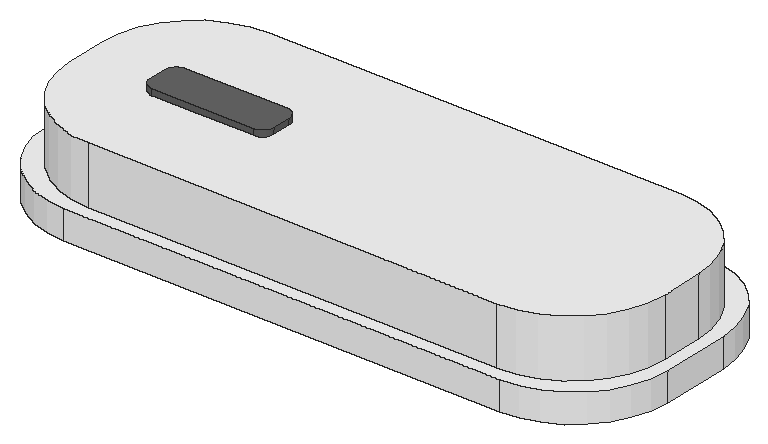
Revit family "BTD-L", category Communication Devices, host Face, Revit 2021
Family settings
  Host = Face
  Maintain Annotation Orientation = No
  Round Connector Dimension = Use Diameter
  Part Type = Normal
  OmniClass Number = 23.85.80.11.27
  OmniClass Title = Lighting Controls
  Cut with Voids When Loaded = No
  Shared = Yes
  Room Calculation Point = No
Parameters (values of type "BTD")
  Width = 1.60"
  Type Comments = "Text Buttons"  # constant formula
  Product Page URL = ""
  Product Documentation Link = ""
  URL = "https://www.currentlighting.com/nxlightingcontrols"
  Model = "Specialty Text Buttons"  # constant formula
  Manufacturer = " NX Lighting Controls"  # constant formula
  Light = yes
  Features = "Easy to install\r\n1-6 button models with or without light pipe for pilot light functionality\r\nAvailable for all HCS wall station types: NXSW, CXSW and LVS\r\nAvailable in White, Gray, Ivory, Light Almond, Black and Red\r\n5pt Arial Narrow\r\n8-character limit using capital letters\r\nOrder forms are product specific\r\nOrder forms provided to customer service must be in the original editable PDF downloaded from the HCS website (not scanned, handwritten, faxed and not a copy)\r\n5-year warranty"  # constant formula
  Black = Paint - Carbon Black
  White = Paint -  Matte White
  Description = "Control Solutions' specialty button service provides an easy, customized solution to meet commercial design requirements. The offering includes a list of our most popular text buttons and options to customize the text. Our custom service supports NX, CX and LVS wall stations. The buttons can easily be installed without the need to detach the switch from the wall. Custom text buttons are the ideal solution for any application providing unique control and a personalized experience. All custom specialty button orders require the appropriate product order form to be complted and attached to the order to ensure accuracy."  # constant formula
  Default Elevation = 48.00"
  Copyright = "Copyright © NX Lighting Controls"  # constant formula
  Contact Us = ""
  Assembly Code = "D5090"
Reference planes (in)
  plane 1 "Center (Front/Back)": y = 13.01342
  plane 2: z = 0
  plane 3 "Center (Left/Right)": x = 0
  plane 4: z = 1.3
  plane 5: z = 1.9
  plane 6: y = 13.23342
  plane 7: y = 12.79342
  plane 8: x = 0.54
  plane 9: x = -0.54
Forms (in)
  Extrusion 1, solid, material "Paint -  Matte White" <- "White"
    sketch origin (0, 0, 0) x (1, 0, 0) y (0, 1, 0)
      loop
        line (-0.38, 12.79342) -> (0.37752, 12.79342)
        arc (0.37752, 12.79342) -> (0.49241, 12.84101) -> (0.54, 12.9559) r 0.16248
        line (0.54, 12.9559) -> (0.54, 13.07616)
        arc (0.54, 13.07616) -> (0.49394, 13.18736) -> (0.38274, 13.23342) r 0.15726
        line (0.38274, 13.23342) -> (-0.38, 13.23342)
        arc (-0.38, 13.23342) -> (-0.49314, 13.18656) -> (-0.54, 13.07342) r 0.16
        line (-0.54, 13.07342) -> (-0.54, 12.95342)
        arc (-0.54, 12.95342) -> (-0.49314, 12.84028) -> (-0.38, 12.79342) r 0.16
    from 0.05 to 0
  Extrusion 2, solid, material "Paint -  Matte White" <- "White"
    sketch origin (0, 0, 0) x (1, 0, 0) y (0, 1, 0)
      loop
        line (-0.35656, 12.81686) -> (0.35408, 12.81686)
        arc (0.35408, 12.81686) -> (0.46897, 12.86445) -> (0.51656, 12.97934) r 0.16248
        line (0.51656, 12.97934) -> (0.51656, 13.05168)
        arc (0.51656, 13.05168) -> (0.4705, 13.16288) -> (0.3593, 13.20894) r 0.15726
        line (0.3593, 13.20894) -> (-0.35656, 13.20894)
        arc (-0.35656, 13.20894) -> (-0.4697, 13.16207) -> (-0.51656, 13.04894) r 0.16
        line (-0.51656, 13.04894) -> (-0.51656, 12.97686)
        arc (-0.51656, 12.97686) -> (-0.4697, 12.86372) -> (-0.35656, 12.81686) r 0.16
    from 0.15 to 0
  Extrusion 3, solid, material "Paint - Carbon Black" <- "Black", visible <- "Light"
    sketch origin (0, 0, 0) x (1, 0, 0) y (0, 1, 0)
      loop
        arc (-0.3709, 13.04709) -> (-0.38563, 13.04099) -> (-0.39174, 13.02626) r 0.02083
        line (-0.39174, 13.02626) -> (-0.39174, 12.99448)
        arc (-0.39174, 12.99448) -> (-0.38586, 12.9803) -> (-0.37168, 12.97443) r 0.02005
        line (-0.37168, 12.97443) -> (-0.19571, 12.97443)
        arc (-0.19571, 12.97443) -> (-0.18153, 12.9803) -> (-0.17566, 12.99448) r 0.02005
        line (-0.17566, 12.99448) -> (-0.17566, 13.02626)
        arc (-0.17566, 13.02626) -> (-0.18176, 13.04099) -> (-0.19649, 13.04709) r 0.02083
        line (-0.19649, 13.04709) -> (-0.3709, 13.04709)
    from 0.16 to 0.15
Dimensions and locks (in)
  plane 5 to plane 4 to plane 2 = 0.60", 1.30"
  plane 5 to plane 4 = 0.60"
  aligned and locked: plane 2 to host face
  aligned and locked: level to host face
Connectors (in)
  electrical at (0, 12.79105, 0)
    settings: on host face, index 1, voltage 0 V, apparent load 0 VA, apparent load phase1 0 VA, apparent load phase2 0 VA, apparent load phase3 0 VA, power factor 1, load classification "Other", number of poles 1, system type 13, power factor state 1, is connector primary yes, connector utility no, sub classification motor no, connector description ""
